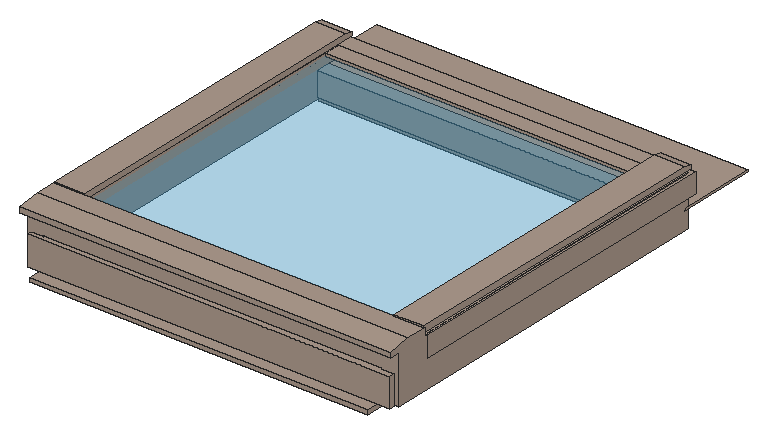
Revit family "GIU_v_1.01", category Окна, Revit 2017
Family settings
  Основа = Крыша
  Всегда вертикально = Нет
  При загрузке вырезать с полостями = Нет
  Общий = Нет
  Точка расчета площади = Нет
Parameters (values of type "PK34")
  g-value = "0.52"
  Youtube clip = ""
  Window Area = 0.86
  Ширина = 940.0 mm
  Weight Net (kg) = ""
  Warranty Years = "5 (10 with BDX)"
  Uniclass 2.0 Description = "Roof Window Units"
  Uniclass 2.0 Code = "PR-59-72"
  Uniclass 1.4 Description = "Rooflights/Roof windows"
  Uniclass 1.4 Code = "JL11"
  URL = "http://file-system.ru/catalog/zdaniya_i_sooruzheniya/eksterer/okna/giu_velux_premium_dopolnitelnyy_okonnyy_element_glukhoy_bez_otkryvaniya/#close_popup_window"
  UNSPC code = 301516
  UNSPC Category = "Roofing accessories"
  ThermalTransmittance - Glazing = "1.0"
  ThermalTransmittance = "1.3"
  Thermal bridge(glazing) = 0.059
  Thermal bridge = "0.09"
  Thermal Transmittance(frame) = 1.3
  Technical description = ""
  Square Reveal Length = 150.0 mm
  Sound Insulation db = 35
  Roof Slope = 45.00°
  Product identifier = ""
  Product group = "GIU 1.01"
  Product family = "Fixed window"
  Product data url = "http://www.velux.co.uk/private/products/velux_roof_windows/vertical_and_sloping_combination_elements"
  Product certification = ""
  Product SKU = "giu101"
  Placement Height = 0.0 mm
  Perimeter Window = 3.72
  Perimeter Glazing = 2.97
  Operation Mode = "Fixed"
  Name of the object = "New Generation - GIU"
  NBS Reference Description = "Roof Window Units"
  NBS Reference = "59-72"
  Группа модели = "New Generation - GIU"
  Material secondary = Glass 73Q + ISD 0000
  Material main = Wood
  Manufacturer country = "Denmark"
  Manufacturer URL = "www.velux.com"
  Изготовитель = "VELUX A/S"  # constant formula
  Light transmittance = "0.75"
  Installation instructions = "http://www.velux.co.uk/en-GB/PublishingImages/PDFs/GILGIU%20450601-2011-12%5B1%5D.pdf"
  IFC Classification = "Window"
  Height = 920.0 mm
  GlazingAreaFraction = "0.56"
  Function = "Fixed roof window"
  Frame Area = 0.3
  Emergency Exit = 1 > 2  # no
  Edition number = "1"
  EAN code = ""
  Design country = "Denmark"
  Date of publishing = "6/27/2013"
  Copyright = "VELUX A/S"  # constant formula
  COBIe Type Category = ""
  Код по классификатору = "B3020110"
  Apron Visible [instance] = yes
  Angled opening bottom [instance] = 135.00°
  Allowed Roof Slope = "15°-90°"
Reference planes
  plane 1 "Center (Front/Back)": y = 0
  plane 2 "Roof": z = 3997.4
  plane 3 "Center (Left/Right)": x = 0
  plane 4: y = -463.23
  plane 5: y = 463.23
  plane 6: z = 4047.4
  plane 7: z = 4197.4
  plane 8: x = 428
  plane 9: x = -428
  plane 10: x = -470
  plane 11: x = 470
  plane 12: z = 4247.4
  plane 13: x = -378
  plane 14: x = 378
  plane 15: x = -368
  plane 16: x = 368
  plane 17: x = 439
  plane 18: x = -439
  plane 19: x = 417
  plane 20: x = -417
  plane 21: x = 459
  plane 22: x = -459
  plane 23: y = -403.23
  plane 24: y = -339.73
  plane 25: y = -349.73
  plane 26: y = -380.83
  plane 27: y = 483.23
  plane 28: y = 431.73
  plane 29: x = -394.5
  plane 30: x = 394.5
  plane 31: z = 4147.4
  plane 32: z = 4147.4
  plane 33: z = 4272.4
  plane 34: x = -490
  plane 35: x = 490
  plane 36 "Roof Face": z = 4197.4
  plane 37: y = -473.73
  plane 38: y = -339.73
  plane 39: y = -384.93
  plane 40: y = -466.13
  plane 41: y = 493.97
  plane 42: y = -437.03
  plane 43: y = 482.97
  plane 44: x = 442.697
  plane 45: x = -442.697
Forms (mm)
  Extrusion 1, void
    sketch origin (0, 0, 0) x (0, 1, 0) y (0, 0, 1)
      loop
        line (-466.13, 4197.4) -> (-466.13, 3997.4) -> (513.23, 3997.4) -> (463.23, 4047.4) -> (463.23, 4197.4) -> (-466.13, 4197.4)
    from -442.697 to 442.697
  Extrusion 2, solid, material "Glass 73Q + ISD 0000" <- "Material secondary"
    sketch origin (-69.616, -2024.556, 4147.4) x (-1, 0, 0) y (0, 1, 0)
      loop
        line (324.884, 2456.287) -> (-464.116, 2456.287) -> (-464.116, 1674.826) -> (324.884, 1674.826) -> (324.884, 2456.287)
    from -104 to -100
  Sweep 3, solid, material "Wood" <- "Material main"
    path origin (-69.616, -2024.556, 4147.4) x (-1, 0, 0) y (0, -1, 0)
      loop
        line (358.384, -2518.526) -> (358.384, -1601.287)
    profile origin (-428, 35.35, 4147.4) x (1, 0, 0) y (0, 0, 1)
      loop
        line (-42, 130.2) -> (-42, 3) -> (-5.712, 3) -> (0, 41.2) -> (0, 130.2) -> (-42, 130.2)
  Sweep 4, solid, material "Wood" <- "Material main"
    path origin (-69.616, -2024.556, 4147.4) x (-1, 0, 0) y (0, -1, 0)
      loop
        line (-497.616, -2518.526) -> (-497.616, -1601.287)
    profile origin (428, 35.35, 4147.4) x (1, 0, 0) y (0, 0, 1)
      loop
        line (0.004, 130.2) -> (0.004, 41.2) -> (5.712, 3) -> (42, 3) -> (42, 130.2) -> (0.004, 130.2)
  Sweep 5, solid, material "Wood" <- "Material main"
    path origin (-69.616, -2024.556, 4147.4) x (-1, 0, 0) y (0, -1, 0)
      loop
        line (400.384, -1561.326) -> (-539.616, -1561.326)
    profile origin (0, -463.23, 4147.4) x (0, 1, 0) y (0, 0, 1)
      loop
        line (80.161, 125) -> (123.5, 125) -> (123.5, 144.848) -> (70.558, 144.848) -> (15, 136.598) -> (15, 125) -> (39.961, 125) -> (39.961, 76.588) -> (80.161, 76.588) -> (80.161, 125)
  Sweep 6, solid, material "Wood" <- "Material main"
    path origin (-69.616, -2024.556, 4147.4) x (-1, 0, 0) y (0, -1, 0)
      loop
        line (358.384, -2530.293) -> (358.384, -1684.826)
    profile origin (-428, 83.003, 4147.4) x (1, 0, 0) y (0, 0, 1)
      loop
        line (36.187, 148) -> (-39.183, 148) -> (-39.183, 134.036) -> (36.187, 134.036) -> (36.187, 148)
  Sweep 7, solid, material "Wood" <- "Material main"
    path origin (-69.616, -2024.556, 4147.4) x (-1, 0, 0) y (0, -1, 0)
      loop
        line (389.384, -1561.326) -> (-528.616, -1561.326)
    profile origin (0, -463.23, 4147.4) x (0, 1, 0) y (0, 0, 1)
      loop
        line (80.161, 32.588) -> (80.161, 74.088) -> (26.161, 74.088) -> (26.161, 0) -> (47.573, 0) -> (80.161, 32.588)
  Sweep 8, solid, material "Wood" <- "Material main"
    path origin (-69.616, -2024.556, 4147.4) x (-1, 0, 0) y (0, -1, 0)
      loop
        line (358.384, -2487.787) -> (-497.616, -2487.787)
    profile origin (0, 463.23, 4147.4) x (0, 1, 0) y (0, 0, 1)
      loop
        line (-16.841, 58.3) -> (-16.841, 0) -> (19.739, 0) -> (19.739, 104.22) -> (7.118, 101.699) -> (-4.511, 58.3) -> (-16.841, 58.3)
  Sweep 9, solid, material "Wood" <- "Material main"
    path origin (-69.616, -2024.556, 4147.4) x (-1, 0, 0) y (0, -1, 0)
      loop
        line (331.884, -2487.787) -> (-471.116, -2487.787)
    profile origin (0, 463.23, 4147.4) x (0, 1, 0) y (0, 0, 1)
      loop
        line (-24.637, 41.488) -> (-17.041, 69.9) -> (-7.348, 69.9) -> (1.763, 103.9) -> (-64.261, 103.9) -> (-64.261, 41.488) -> (-24.637, 41.488)
  Sweep 10, solid, material "Wood" <- "Material main"
    path origin (-69.616, -2024.556, 4147.4) x (-1, 0, 0) y (0, -1, 0)
      loop
        line (369.384, -2487.787) -> (369.384, -1639.626) -> (-508.616, -1639.626) -> (-508.616, -2487.787)
    profile origin (-439, 39.15, 4147.4) x (1, 0, 0) y (0, 0, 1)
      loop
        line (45.1, 37.2) -> (45.1, 129.9) -> (14.1, 129.9) -> (14.1, 37.2) -> (45.1, 37.2)
  Sweep 11, solid, material "Wood" <- "Material main"
    path origin (-69.616, -2024.556, 4147.4) x (-1, 0, 0) y (0, -1, 0)
      loop
        line (358.384, -1561.326) -> (-497.616, -1561.326)
    profile origin (0, -463.23, 4147.4) x (0, 1, 0) y (0, 0, 1)
      loop
        line (44.473, 0) -> (-5.527, 0) -> (-5.527, -10) -> (44.473, -10) -> (44.473, 0)
  Sweep 12, solid, material "Wood" <- "Material main"
    path origin (-69.616, -2024.556, 4147.4) x (-1, 0, 0) y (0, -1, 0)
      loop
        line (-497.616, -2530.293) -> (-497.616, -1684.826)
    profile origin (428, 83.003, 4147.4) x (1, 0, 0) y (0, 0, 1)
      loop
        line (-36.187, 148) -> (-36.187, 134.036) -> (39.183, 134.036) -> (39.183, 148) -> (-36.187, 148)
  Sweep 13, solid, material "Wood" <- "Material main"
    path origin (-69.616, -2024.556, 4147.4) x (-1, 0, 0) y (0, -1, 0)
      loop
        line (389.384, -2487.787) -> (-528.616, -2487.787)
    profile origin (0, 463.23, 4147.4) x (0, 1, 0) y (0, 0, 1)
      loop
        line (-40.419, 125) -> (-5.419, 125) -> (-5.419, 120) -> (44.939, 120) -> (44.939, 80) -> (51.364, 80) -> (51.364, 125) -> (1.006, 125) -> (1.006, 131) -> (-40.419, 131) -> (-40.419, 125)
  Extrusion 14, solid, material "Glass 73Q + ISD 0000" <- "Material secondary"
    sketch origin (-69.616, -2024.556, 4147.4) x (-1, 0, 0) y (0, 1, 0)
      loop
        line (324.884, 2456.287) -> (-464.116, 2456.287) -> (-464.116, 1674.826) -> (324.884, 1674.826) -> (324.884, 2456.287)
    from -121 to -125
  Sweep 15, solid, material "Wood" <- "Material main"
    path origin (-69.616, -2024.556, 4147.4) x (-1, 0, 0) y (0, -1, 0)
      loop
        line (358.384, -2531.287) -> (358.384, -1684.826)
    profile origin (-428, 83.5, 4147.4) x (1, 0, 0) y (0, 0, 1)
      loop
        line (-23.952, 131.35) -> (-50.102, 131.35) -> (-50.102, 80.7) -> (-49.102, 80.7) -> (-49.102, 130.35) -> (-22.952, 130.35) -> (-22.952, 140.85) -> (-23.952, 140.85) -> (-23.952, 131.35)
  Sweep 16, solid, material "Wood" <- "Material main"
    path origin (69.616, -2024.556, 4147.4) x (-1, 0, 0) y (0, -1, 0)
      loop
        line (-358.384, -2531.287) -> (-358.384, -1684.826)
    profile origin (428, 83.5, 4147.4) x (1, 0, 0) y (0, 0, 1)
      loop
        line (23.952, 131.35) -> (23.952, 140.85) -> (22.952, 140.85) -> (22.952, 130.35) -> (49.102, 130.35) -> (49.102, 80.7) -> (50.102, 80.7) -> (50.102, 131.35) -> (23.952, 131.35)
  Extrusion 17, solid, material "Wood" <- "Material main", visible <- "Apron Visible"
    sketch origin (0, 0, 4197.4) x (0, 1, 0) y (-1, 0, 0)
      loop
        line (682.97, 470) -> (482.97, 470) -> (482.97, -470) -> (682.97, -470) -> (682.97, 470)
    from 0 to 5
  Sweep 18, solid, material "Polyurethane color NCS 0500-N"
    path origin (-629, -372.461, 4184.6) x (1, 0, 0) y (0, 0, 1)
      loop
        line (200, 0) -> (1058, 0)
    profile origin (0, -372.461, 4184.6) x (0, 0, 1) y (0, -1, 0)
      loop
        line (92.7, -1.63) -> (92.7, 8.37) -> (0, 8.37) -> (0, -1.63) -> (92.7, -1.63)
  Sweep 19, void
    path origin (-428, 505.736, 4147.4) x (-1, 0, 0) y (0, 0, 1)
      loop
        line (39.183, 148) -> (-36.187, 148)
    profile origin (-429.498, 505.736, 4295.4) x (0, 0, -1) y (0, 1, 0)
      loop
        line (0, 0) -> (0, -20) -> (4, 0) -> (0, 0)
  Sweep 20, void
    path origin (428, 505.736, 4147.4) x (-1, 0, 0) y (0, 0, 1)
      loop
        line (36.187, 148) -> (-39.183, 148)
    profile origin (429.498, 505.736, 4295.4) x (0, 0, -1) y (0, 1, 0)
      loop
        line (0, 0) -> (0, -20) -> (4, 0) -> (0, 0)
Cuts and joins
  Sweep 19, Sweep 20 cuts Sweep 3
  Sweep 19, Sweep 20 cuts Sweep 4
  Sweep 19, Sweep 20 cuts Sweep 5
  Sweep 19, Sweep 20 cuts Sweep 7
  Sweep 19, Sweep 20 cuts Sweep 8
  joined: Sweep 3, Sweep 4, Sweep 5, Sweep 7, Sweep 8
  Sweep 19 cuts Sweep 6
  Sweep 20 cuts Sweep 12
Lines and regions (mm)
  reference lines
    curve 1: line (0, 463.23, 4047.4) -> (0, 657.685, 3852.946)
Dimensions and locks
  equal spacing: host sketch curve, plane 3 "Center (Left/Right)", host sketch curve
  equal spacing: host sketch curve, plane 1 "Center (Front/Back)", host sketch curve
  "Square Reveal Length": plane 6 to plane 7
  equal spacing: plane 9, plane 3 "Center (Left/Right)", plane 8
  "Ширина": plane 10 to plane 11
  equal spacing: plane 5, plane 1 "Center (Front/Back)", plane 4
  locked: plane 10 to plane 9 at 42
  locked: plane 8 to plane 11 at 42
  locked: plane 14 to plane 8 at 50
  locked: plane 9 to plane 13 at 50
  locked: plane 13 to plane 15 at 10
  locked: plane 16 to plane 14 at 10
  locked: plane 8 to plane 17 at 11
  locked: plane 18 to plane 9 at 11
  locked: plane 19 to plane 8 at 11
  locked: plane 9 to plane 20 at 11
  locked: plane 21 to plane 11 at 11
  locked: plane 10 to plane 22 at 11
  locked: plane 12 to plane 32 at 100
  plane 24 to plane 23 to plane 4 = 63.5 mm locked, 60.0 mm locked
  locked: plane 25 to plane 24 at 10
  locked: plane 23 to plane 26 at 22.4
  locked: host roof to plane 7 at 0
  locked: plane 5 to plane 28 at 31.5
  locked: plane 27 to plane 5 at 20
  locked: plane 30 to plane 14 at 16.5
  locked: plane 13 to plane 29 at 16.5
  locked: plane 31 to plane 7 at 50
  "Placement Height": plane 31 to plane 32
  locked: plane 33 to plane 12 at 25
  locked: plane 35 to plane 11 at 20
  locked: plane 10 to plane 34 at 20
  locked: host roof to plane 36 "Roof Face" at 0
  locked: plane 38 to Sweep 11 at 129.027
  locked: plane 4 to plane 37 at 10.5
  locked: plane 38 to plane 37 at 134
  locked: plane 39 to plane 23 at 18.3
  locked: plane 4 to plane 40 at 2.9
  plane 9 to plane 34 = 62.0 mm
  plane 35 to plane 8 = 62.0 mm
  locked: plane 42 to plane 4 at 26.2
  locked: plane 41 to plane 5 at 30.739
  "Height": plane 43 to plane 42
  locked: plane 43 to Extrusion 17 sketch curve at 200
  locked: plane 41 to plane 43 at 11
  locked: plane 45 to plane 18 at 3.697
  locked: plane 44 to plane 17 at 3.697
  "Angled opening bottom": angle curve 1 to plane 6
  aligned and locked: level to plane 2 "Roof"
  aligned: plane 8 to Extrusion 1
  aligned: Extrusion 1 to plane 9
  aligned and locked: plane 12 to Extrusion 2
  aligned and locked: plane 9 to Sweep 3 sketch curve
  aligned and locked: Extrusion 2 sketch curve to plane 25
  aligned and locked: Extrusion 2 sketch curve to plane 28
  aligned and locked: Sweep 4 sketch curve to plane 8
  aligned and locked: Sweep 5 sketch curve to plane 4
  aligned and locked: plane 11 to Sweep 5 sketch curve
  aligned and locked: plane 10 to Sweep 5 sketch curve
  aligned and locked: plane 9 to Sweep 6 sketch curve
  aligned and locked: plane 24 to Sweep 6 sketch curve
  aligned and locked: Sweep 7 sketch curve to plane 4
  aligned and locked: plane 21 to Sweep 7 sketch curve
  aligned and locked: plane 22 to Sweep 7 sketch curve
  aligned and locked: Sweep 8 sketch curve to plane 5
  aligned and locked: Sweep 9 sketch curve to plane 5
  aligned and locked: plane 18 to Sweep 10 sketch curve
  aligned and locked: plane 17 to Sweep 10 sketch curve
  aligned and locked: plane 5 to Sweep 10 sketch curve  (x2)
  aligned and locked: host roof to Extrusion 1 sketch curve
  aligned and locked: Extrusion 1 sketch curve to plane 5
  aligned and locked: plane 5 to Extrusion 1 sketch curve
  aligned and locked: Extrusion 1 sketch curve to host roof
  aligned and locked: Sweep 11 sketch curve to plane 4
  aligned and locked: plane 24 to Sweep 12 sketch curve
  aligned and locked: Sweep 12 sketch curve to plane 8
  aligned and locked: plane 5 to Sweep 13 sketch curve
  aligned and locked: plane 21 to Sweep 13 sketch curve
  aligned and locked: plane 22 to Sweep 13 sketch curve
  aligned and locked: plane 9 to Sweep 11 sketch curve
  aligned and locked: plane 8 to Sweep 11 sketch curve
  aligned and locked: Extrusion 14 sketch curve to plane 28
  aligned and locked: Extrusion 14 sketch curve to plane 25
  aligned and locked: plane 29 to Extrusion 2 sketch curve
  aligned and locked: Extrusion 2 sketch curve to plane 30
  aligned and locked: plane 29 to Extrusion 14 sketch curve
  aligned and locked: Extrusion 14 sketch curve to plane 30
  aligned and locked: profile plane to Sweep 8 sketch curve
  aligned and locked: Sweep 15 sketch curve to plane 9
  aligned and locked: plane 24 to Sweep 15 sketch curve
  aligned and locked: Sweep 16 sketch curve to plane 8
  aligned and locked: plane 24 to Sweep 16 sketch curve
  aligned and locked: plane 24 to Sweep 5 sketch curve
  aligned and locked: plane 39 to Sweep 10 sketch curve
  aligned and locked: Sweep 18 sketch curve to plane 26
  aligned and locked: Sweep 19 sketch curve to Sweep 6  (x2)
  aligned and locked: Sweep 6 to Sweep 19 sketch curve
  aligned and locked: Sweep 20 sketch curve to Sweep 12  (x2)
  aligned and locked: Sweep 12 to Sweep 20 sketch curve
  aligned and locked: plane 40 to Extrusion 1 sketch curve
  aligned and locked: Extrusion 1 sketch curve to curve 1
  aligned and locked: Extrusion 17 sketch curve to plane 10
  aligned and locked: Extrusion 17 sketch curve to plane 11
  aligned and locked: plane 43 to Sweep 8 sketch curve
  aligned and locked: Extrusion 17 sketch curve to plane 43
  aligned and locked: plane 45 to Extrusion 1
  aligned and locked: plane 44 to Extrusion 1
  aligned and locked: Sweep 18 sketch curve to Sweep 10  (x2)
Automatic sketch dimensions
  plane 23 to Sweep 3 sketch curve = 20.039 mm
  profile plane to Sweep 3 sketch curve = 42.0 mm
  plane 23 to Sweep 4 sketch curve = 20.039 mm
  Sweep 4 sketch curve to profile plane = 42.0 mm
  Sweep 5 sketch curve to profile plane = 15.0 mm
  Sweep 5 sketch curve to Sweep 5 sketch curve = 24.961 mm
  Sweep 5 sketch curve to Sweep 5 sketch curve = 30.597 mm
  Sweep 5 sketch curve to Sweep 5 sketch curve = 40.2 mm
  profile plane to Sweep 5 sketch curve = 76.588 mm
  Sweep 5 sketch curve to Sweep 5 sketch curve = 48.412 mm  (x2)
  Sweep 5 sketch curve to Sweep 5 sketch curve = 11.598 mm
  Sweep 5 sketch curve to Sweep 5 sketch curve = 19.848 mm
  Sweep 6 sketch curve to plane 27 = 22.506 mm
  profile plane to Sweep 6 sketch curve = 39.183 mm
  Sweep 6 sketch curve to profile plane = 36.187 mm
  profile plane to Sweep 6 sketch curve = 134.036 mm
  Sweep 6 sketch curve to Sweep 6 sketch curve = 13.964 mm
  Sweep 7 sketch curve to profile plane = 0.0 mm
  Sweep 7 sketch curve to profile plane = 26.161 mm
  Sweep 7 sketch curve to Sweep 7 sketch curve = 21.412 mm
  profile plane to Sweep 7 sketch curve = 32.588 mm
  Sweep 7 sketch curve to Sweep 7 sketch curve = 32.588 mm
  Sweep 7 sketch curve to Sweep 7 sketch curve = 41.5 mm
  Sweep 8 sketch curve to plane 8 = 0.0 mm
  Sweep 8 sketch curve to plane 9 = 0.0 mm
  profile plane to Sweep 9 sketch curve = 64.261 mm
  profile plane to Sweep 9 sketch curve = 24.637 mm
  profile plane to Sweep 9 sketch curve = 17.041 mm
  profile plane to Sweep 9 sketch curve = 7.348 mm
  Sweep 9 sketch curve to profile plane = 1.763 mm
  profile plane to Sweep 9 sketch curve = 41.488 mm
  Sweep 9 sketch curve to Sweep 9 sketch curve = 28.412 mm
  Sweep 9 sketch curve to Sweep 9 sketch curve = 34.0 mm
  Sweep 11 sketch curve to profile plane = 0.0 mm
  profile plane to Sweep 11 sketch curve = 5.527 mm
  Sweep 11 sketch curve to profile plane = 10.0 mm
  Sweep 11 sketch curve to profile plane = 44.473 mm
  Sweep 12 sketch curve to plane 27 = 22.506 mm
  profile plane to Sweep 12 sketch curve = 36.187 mm
  Sweep 12 sketch curve to profile plane = 39.183 mm
  profile plane to Sweep 12 sketch curve = 134.036 mm
  Sweep 12 sketch curve to Sweep 12 sketch curve = 13.964 mm
  profile plane to Sweep 15 sketch curve = 50.102 mm
  Sweep 15 sketch curve to Sweep 15 sketch curve = 1.0 mm  (x3)
  profile plane to Sweep 15 sketch curve = 23.952 mm
  Sweep 15 sketch curve to plane 32 = 80.7 mm
  Sweep 15 sketch curve to Sweep 15 sketch curve = 49.65 mm
  Sweep 15 sketch curve to Sweep 15 sketch curve = 9.5 mm
  Sweep 16 sketch curve to profile plane = 22.952 mm
  Sweep 16 sketch curve to Sweep 16 sketch curve = 1.0 mm  (x3)
  Sweep 16 sketch curve to profile plane = 49.102 mm
  Sweep 16 sketch curve to plane 32 = 80.7 mm
  Sweep 16 sketch curve to Sweep 16 sketch curve = 49.65 mm
  Sweep 16 sketch curve to Sweep 16 sketch curve = 9.5 mm
  Sweep 3 sketch curve to plane 27 = 10.739 mm
  Sweep 4 sketch curve to plane 27 = 10.739 mm
  Sweep 18 sketch curve to profile plane = 92.7 mm
  Sweep 19 sketch curve to profile plane = 0.0 mm  (x2)
  Sweep 19 sketch curve to profile plane = 4.0 mm
  Sweep 19 sketch curve to Sweep 19 sketch curve = 20.0 mm
  Sweep 20 sketch curve to profile plane = 0.0 mm  (x2)
  Sweep 20 sketch curve to profile plane = 4.0 mm
  Sweep 20 sketch curve to Sweep 20 sketch curve = 20.0 mm
  plane 41 to Sweep 15 sketch curve = 12.761 mm
  plane 41 to Sweep 16 sketch curve = 12.761 mm
  Sweep 3 sketch curve to profile plane = 0.0 mm  (x2)
  profile plane to Sweep 3 sketch curve = 5.712 mm
  profile plane to Sweep 3 sketch curve = 3.0 mm  (x2)
  Sweep 3 sketch curve to Sweep 3 sketch curve = 38.2 mm
  Sweep 3 sketch curve to Sweep 3 sketch curve = 89.0 mm
  Sweep 4 sketch curve to Sweep 4 sketch curve = 127.2 mm
  Sweep 4 sketch curve to profile plane = 0.004 mm  (x2)
  Sweep 4 sketch curve to profile plane = 5.712 mm
  profile plane to Sweep 4 sketch curve = 3.0 mm  (x2)
  Sweep 4 sketch curve to Sweep 4 sketch curve = 38.2 mm
  Sweep 10 sketch curve to profile plane = 14.1 mm
  profile plane to Sweep 10 sketch curve = 37.2 mm
  plane 30 to Sweep 9 sketch curve = 7.0 mm
  plane 29 to Sweep 9 sketch curve = 7.0 mm
  Sweep 18 sketch curve to plane 9 = 1.0 mm
  plane 8 to Sweep 18 sketch curve = 1.0 mm
  profile plane to Sweep 18 sketch curve = 0.0 mm
  Sweep 10 sketch curve to Sweep 10 sketch curve = 31.0 mm
  Sweep 8 sketch curve to profile plane = 7.118 mm
  profile plane to Sweep 8 sketch curve = 4.511 mm
  Sweep 8 sketch curve to Sweep 8 sketch curve = 12.33 mm
  profile plane to Sweep 8 sketch curve = 58.3 mm
  Sweep 8 sketch curve to Sweep 8 sketch curve = 43.399 mm
  Sweep 8 sketch curve to Sweep 8 sketch curve = 0.0 mm
  Sweep 8 sketch curve to Sweep 8 sketch curve = 2.521 mm
  profile plane to Sweep 13 sketch curve = 40.419 mm
  profile plane to Sweep 13 sketch curve = 5.419 mm
  Sweep 13 sketch curve to profile plane = 1.006 mm
  Sweep 13 sketch curve to profile plane = 44.939 mm
  Sweep 13 sketch curve to Sweep 13 sketch curve = 6.425 mm
  profile plane to Sweep 13 sketch curve = 80.0 mm
  Sweep 13 sketch curve to Sweep 13 sketch curve = 40.0 mm
  Sweep 13 sketch curve to Sweep 13 sketch curve = 5.0 mm  (x2)
  Sweep 13 sketch curve to Sweep 13 sketch curve = 6.0 mm
  Sweep 10 sketch curve to Sweep 10 sketch curve = 92.7 mm
  curve 1 to plane 5 = 0.0 mm
  plane 6 to curve 1 = 0.0 mm
